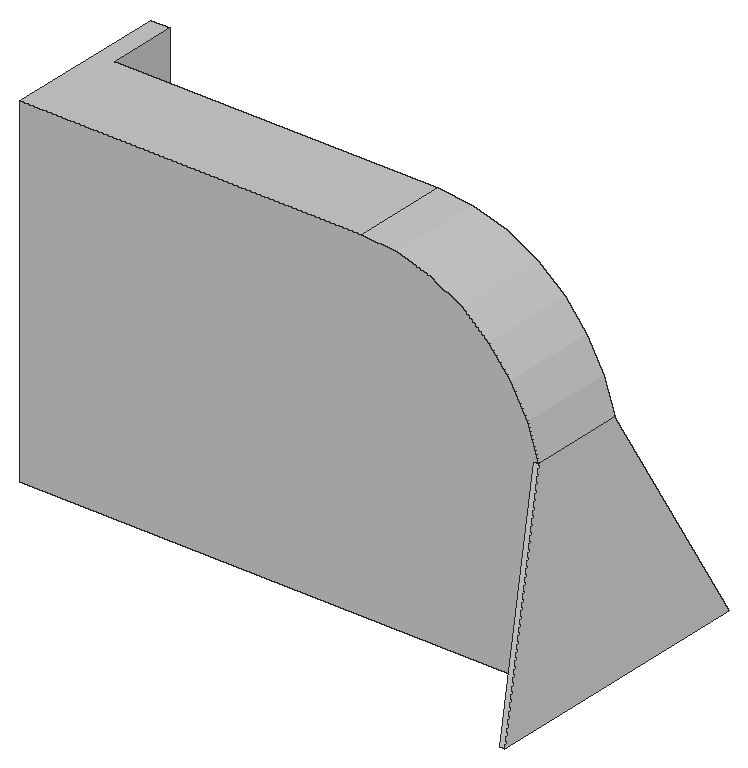
Revit family "LR1677", category Plumbing Fixtures, host Face, Revit 2022
Family settings
  Host = Face
  Round Connector Dimension = Use Diameter
  Part Type = Normal
  OmniClass Number = 23.45.05.14.14
  OmniClass Title = Sinks/Lavatories
  Cut with Voids When Loaded = No
  Maintain Annotation Orientation = No
  Shared = Yes
  Room Calculation Point = No
Parameters (values of type "LR1677-1-L-04")
  valve (R) distance = valve_distance_constraint + 29 1/2"  # 47 1/2"
  valve_distance = if([-L Left Hand Corner], valve L constrait, valve R constraint)  # 11 1/2"
  valve R constraint = if([valve (R) distance] < 37 1/2", 37 1/2", if([Valve Inlet Distance from Inner Wall (min. 8" to max 28")] > 57 1/2", 57 1/2", [valve (R) distance]))  # 47 1/2"
  valve L constrait = Width - valve_distance_constraint  # 11 1/2"
  Valve Inlet Distance from Inner Wall (min. 8" to max 28") = 18"
  valve_distance_constraint = if([Valve Inlet Distance from Inner Wall (min. 8" to max 28")] < 8", 8", if([Valve Inlet Distance from Inner Wall (min. 8" to max 28")] > 28", 28", [Valve Inlet Distance from Inner Wall (min. 8" to max 28")]))  # 18"
  valve_height = if([Valve Inlet Height from Floor (min. 26" to max. 46")] > 46", 46", if([Valve Inlet Height from Floor (min. 26" to max. 46")] < 26", 26", [Valve Inlet Height from Floor (min. 26" to max. 46")]))  # 26"
  Valve Inlet Height from Floor (min. 26" to max. 46") = 26"
  Width = 29 1/2"
  Waste Connection Height = 27 1/2"
  Waste Connection Diameter = 1 1/2"
  Waste Connection = yes
  WFU = 2
  Vent Connection = no
  Valve = Valve Type : -04-M Valve (Pneumatic) Air-Trol - Hot & Cold, Metering
  URL = "https://www.acorneng.com"
  Type Comments = ""
  Rim Width = 13"
  Product Page URL = "https://www.acorneng.com/ligature-resistant-corner-basin-d-bowl-lr1677"
  Product Documentation Link = "https://www.acorneng.com/uploads/fileLibrary/LR1677.pdf"
  Length = 18"
  Installation Instruction Link = "https://www.acorneng.com/uploads/fileLibrary/9900-M00-001%20LR1677.pdf"
  Hot Water Connection Diameter = 1/2"
  Height = 14 3/4"
  Price = "Prices may vary. Please consult Manufacturer Representative for most up-to-date price list."  # constant formula
  Model = "LR1677-1-L-04"
  Material = "Stainless Steel-Bobrick-Satin"
  Manufacturer = "Acorn"
  Installation Type = "Wall Mounted"
  HWFU = 1.5
  HW Connection = yes
  Finish = Stainless Steel-Bobrick-Satin
  Description = "Secur-Care - Ligature Resistant LR1677 Series"
  Connections to Center Distance = if([-L Left Hand Corner], 0", 36")  # 0"
  Cold Water Connection Diameter = 1/2"
  Bowl Depth = 3 1/2"
  Default Elevation = 0"
  Creation Date = "08/26/2024"
  Compliance Certifications = "ANSI, UFAS, CBC, and ADA 2010"
  CWFU = 1.5
  CW Connection = yes
  Basin Shape = "D-Shaped Bowl"
  Assembly Code = "D2010400"
  ADA Compliant = yes
  -VAC AcornVac System = no
  -THLR (Single) Towel Hook = no
  -THLR (Double) Towel Hook = not([-THLR (Single) Towel Hook])  # yes
  -TG 12 Gage Cabinet = no
  -TF Transformer, 120VAC to 24VAC (-MVC option only) = no
  -SW Wall Sleeve = no
  -R Right Hand Corner = not([-L Left Hand Corner])  # no
  -MT Metal Template = no
  -MA4 Manifolded, 4-Stack = no
  -MA3 Manifolded, 3-Stack = no
  -MA2 Manifolded, 2-Stack = no
  -LWE Lavy Waste Extension (11” Standard) = no
  -LW1 Thru-Wall Waste Extension with P-Trap = no
  -L Left Hand Corner = yes
  -FMT Fixture Mounted Trim = no
  -EG Enviro-Glaze = no
  -CI Cycle Interrupt for Time-Trol Valves = no
  -BRS Brass Body Valve = no
  -1 Off-Floor, Wall Outlet = yes
Types (3): name | valve_distance | Model | Connections to Center Distance | -R Right Hand Corner | -L Left Hand Corner
  (no name) | 11 1/2" | "LR1677-1-L-04" | 0" | no | yes
  LR1677-1-L-04 | 11 1/2" | "LR1677-1-L-04" | 0" | no | yes
  LR1677-1-R-04 | 47 1/2" | "LR1677-1-R-04" | 36" | yes | no
Reference planes (in)
  plane 1 "Center (Front/Back)": y = 5
  plane 2: z = 0.00028
  plane 3 "Center (Left/Right)": x = 0
  plane 4 "Height- Bottom": y = 39
  plane 5 "Width- Left": x = -29.5
  plane 6 "Width- Right": x = 29.5
  plane 7 "Height- Top": y = 43.75
  plane 8 "Length (Outer Rim)": z = 18
  plane 9 "Rim- Left": x = -18
  plane 10 "Rim- Right": x = 18
  plane 11 "Rim Length (Inner Rim)": z = 2.5
  plane 12: y = 29
  plane 13: y = 42.625
  plane 14: z = 16.25
  plane 15: x = 25.5
  plane 16: y = 35.5
  plane 17: through (29.50004, 0, 0.00005) normal (0.9785, 0, 0.2062)
  plane 18: z = 3.75
  plane 19: x = 10.5
  plane 20: y = 41
  plane 21: y = 32.5
  plane 22: y = 31
  plane 23: x = 28
  plane 24: x = -8
  plane 25: x = -28
  plane 26: x = 8
  plane 27: x = 18
  plane 28: x = 14
  plane 29: x = 22
Forms (in)
  Extrusion 1, solid, material "Stainless Steel-Bobrick-Satin" <- "Finish", visible <- "-L Left Hand Corner"
    sketch origin (5.66175, 82.57514, -79.3816) x (0, 0, -1) y (-1, 0, 0)
      loop
        line (-97.3816, 5.66175) -> (-97.3816, -12.33825)
        arc (-97.3816, -12.33825) -> (-95.25932, -18.32317) -> (-89.84069, -21.63405) r 9.5
        line (-89.84069, -21.63405) -> (-79.3816, -23.8383) -> (-79.3816, 5.66175) -> (-97.3816, 5.66175)
    from -48.57514 to -43.57514
  Extrusion 2, solid, material "Stainless Steel-Bobrick-Satin" <- "Finish", visible <- "-L Left Hand Corner"
    sketch origin (0, 0, 0) x (0, 1, 0) y (0, 0, 1)
      loop
        line (42.61286, 2.5) -> (39, 2.5) -> (39, 0.00028) -> (43.74987, 0.00028) -> (42.61286, 2.5)
    from 0 to 29.71464
  Extrusion 3, void
    sketch origin (0, 5, 0) x (1, 0, 0) y (0, 0, 1)
      loop
        line (29.49999, 0.00028) -> (28.92118, 0.00028) -> (28.92118, -0.5) -> (29.71464, -0.5) -> (29.71464, 2.5) -> (28.97318, 2.5) -> (29.49999, 0.00028)
    from -40.79135 to -24
  Extrusion 4, void
    sketch origin (0, 0, 0) x (0, 1, 0) y (0, 0, 1)
      loop
        line (43.74987, 0.00028) -> (47.25009, 0.00028) -> (47.25009, 10.84672) -> (39, 10.84672) -> (39, 10.44286) -> (43.74987, 0.00028)
      loop
        line (29, 0.00028) -> (34, 10.45909) -> (29, 10.45909) -> (29, 0.00028)
    from 26.57704 to 29.71464
  Extrusion 5, solid, material "Stainless Steel-Bobrick-Satin" <- "Finish", visible <- "-L Left Hand Corner"
    sketch origin (0, 5, 0) x (1, 0, 0) y (0, 0, 1)
      loop
        line (27.29923, 10.44286) -> (27.04373, 10.44286) -> (29.24456, 0) -> (29.50005, 0) -> (27.29923, 10.44286)
    from -38.75 to -24
  Extrusion 6, solid, material "Stainless Steel-Bobrick-Satin" <- "Finish", visible <- "-L Left Hand Corner"
    sketch origin (0, 5, 0) x (1, 0, 0) y (0, 0, 1)
      loop
        line (1, 18) -> (0, 18) -> (0, 2.5) -> (1, 2.5) -> (1, 18)
    from -37.625 to -34
  Revolve 7, void
    sketch origin (18, 0, 0) x (0, 1, 0) y (0, 0, 1)
      loop
        line (39.06237, 3.75) -> (45.28067, 3.75) -> (45.28067, 18.85688)
        arc (45.28067, 18.85688) -> (38.3294, 15.59855) -> (35.49974, 8.46205) r 10.4141
        line (35.49974, 8.46205) -> (35.49974, 5.18163)
        spline (35.49974, 5.18163) -> (35.53022, 4.99477) -> (35.62114, 4.8111) -> (35.77093, 4.63377) -> (35.97704, 4.46582) -> (36.23595, 4.31011) -> (36.54321, 4.16932) -> (36.89358, 4.04584) -> (37.28106, 3.9418) -> (37.69901, 3.85898) -> (38.1403, 3.79878) -> (38.59736, 3.76225) -> (39.06237, 3.75)
      axis (45.28067, 18.85688) -> (45.28067, 3.75)
    angle from 0 to 360
  Revolve 8, solid, material "Stainless Steel-Bobrick-Satin" <- "Finish", visible <- "-L Left Hand Corner"
    sketch origin (190.3272, 41, 116.58215) x (1, 0, 0) y (0, 0, -1)
      loop
        arc (-173.20001, 114.07458) -> (-172.94536, 113.45644) -> (-172.3272, 113.20183) r 0.86938
        line (-172.3272, 113.20183) -> (-172.3272, 114.07458) -> (-173.20001, 114.07458)
      axis (-172.3272, 114.07458) -> (-172.3272, 113.20183)
    angle from 0 to 360
  Extrusion 9, void
    sketch origin (17.73352, 5, -47.19549) x (1, 0, 0) y (0, 0, 1)
      loop
        circle (0.26648, 54.53237) r 0.16667
      loop
        circle (0.26648, 52.98362) r 0.16667
      loop
        circle (1.04086, 53.75799) r 0.16667
      loop
        circle (-0.50789, 53.75799) r 0.16667
    from -30.87142 to -29.92385
  Revolve 10, void
    sketch origin (18, 0, 0.6875) x (0, 1, 0) y (0, 0, 1)
      loop
        line (35.47459, 7.11464) -> (35.43588, 7.0476)
        arc (35.43588, 7.0476) -> (35.41672, 7.00134) -> (35.41018, 6.95169) r 0.19182
        line (35.41018, 6.95169) -> (35.41018, 5.875) -> (35.66018, 5.875) -> (35.66018, 7.11464) -> (35.47459, 7.11464)
      axis (35.41018, 5.875) -> (35.66018, 5.875)
    angle from 0 to 360
  Revolve 11, void
    sketch origin (18, 0, 0) x (0, 1, 0) y (0, 0, 1)
      loop
        line (41.60798, 3.23298) -> (40.16563, 1.79063) -> (40.23744, 1.71881) -> (41.6798, 3.16117) -> (41.60798, 3.23298)
      axis (40.16563, 1.79063) -> (41.60798, 3.23298)
    angle from 0 to 360
  Extrusion 12, void
    sketch origin (0, 0, 0) x (1, 0, 0) y (0, 1, 0)
      loop
        circle (18, 32.5) r 0.75
    from 0 to 0.03125
  Extrusion 13, solid, material "Stainless Steel-Bobrick-Satin" <- "Finish", visible <- "-R Right Hand Corner"
    sketch origin (-5.66175, 82.57514, -79.3816) x (0, 0, -1) y (-1, 0, 0)
      loop
        line (-97.3816, -5.66175) -> (-79.3816, -5.66175) -> (-79.3816, 23.8383) -> (-89.84069, 21.63405)
        arc (-89.84069, 21.63405) -> (-95.25932, 18.32317) -> (-97.3816, 12.33825) r 9.5
        line (-97.3816, 12.33825) -> (-97.3816, -5.66175)
    from -48.57514 to -43.57514
  Extrusion 14, solid, material "Stainless Steel-Bobrick-Satin" <- "Finish", visible <- "-R Right Hand Corner"
    sketch origin (0, 0, 0) x (0, 1, 0) y (0, 0, -1)
      loop
        line (42.61286, -2.5) -> (43.74987, -0.00028) -> (39, -0.00028) -> (39, -2.5) -> (42.61286, -2.5)
    from 0 to 29.71464
  Extrusion 15, void
    sketch origin (0, 5, 0) x (-1, 0, 0) y (0, 0, -1)
      loop
        line (29.49999, -0.00028) -> (28.97318, -2.5) -> (29.71464, -2.5) -> (29.71464, 0.5) -> (28.92118, 0.5) -> (28.92118, -0.00028) -> (29.49999, -0.00028)
    from -40.79135 to -24
  Extrusion 16, void
    sketch origin (0, 0, 0) x (0, 1, 0) y (0, 0, -1)
      loop
        line (43.74987, -0.00028) -> (39, -10.44286) -> (39, -10.84672) -> (47.25009, -10.84672) -> (47.25009, -0.00028) -> (43.74987, -0.00028)
      loop
        line (29, -0.00028) -> (29, -10.45909) -> (34, -10.45909) -> (29, -0.00028)
    from 26.57704 to 29.71464
  Extrusion 17, solid, material "Stainless Steel-Bobrick-Satin" <- "Finish", visible <- "-R Right Hand Corner"
    sketch origin (0, 5, 0) x (-1, 0, 0) y (0, 0, -1)
      loop
        line (27.29923, -10.44286) -> (29.50005, 0) -> (29.24456, 0) -> (27.04373, -10.44286) -> (27.29923, -10.44286)
    from -38.75 to -24
  Extrusion 18, solid, material "Stainless Steel-Bobrick-Satin" <- "Finish", visible <- "-R Right Hand Corner"
    sketch origin (0, 5, 0) x (-1, 0, 0) y (0, 0, -1)
      loop
        line (1, -18) -> (1, -2.5) -> (0, -2.5) -> (0, -18) -> (1, -18)
    from -37.625 to -34
  Revolve 19, void
    sketch origin (-18, 0, 0) x (0, 1, 0) y (0, 0, -1)
      loop
        spline (39.06237, -3.75) -> (38.59736, -3.76225) -> (38.1403, -3.79878) -> (37.69901, -3.85898) -> (37.28106, -3.9418) -> (36.89358, -4.04584) -> (36.54321, -4.16932) -> (36.23595, -4.31011) -> (35.97704, -4.46582) -> (35.77093, -4.63377) -> (35.62114, -4.8111) -> (35.53022, -4.99477) -> (35.49974, -5.18163)
        line (35.49974, -5.18163) -> (35.49974, -8.46205)
        arc (35.49974, -8.46205) -> (38.3294, -15.59855) -> (45.28067, -18.85688) r 10.4141
        line (45.28067, -18.85688) -> (45.28067, -3.75) -> (39.06237, -3.75)
      axis (45.28067, -18.85688) -> (45.28067, -3.75)
    angle from 0 to 360
  Revolve 20, solid, material "Stainless Steel-Bobrick-Satin" <- "Finish", visible <- "-R Right Hand Corner"
    sketch origin (-190.3272, 41, 116.58215) x (-1, 0, 0) y (0, 0, 1)
      loop
        line (-173.20001, -114.07458) -> (-172.3272, -114.07458) -> (-172.3272, -113.20183)
        arc (-172.3272, -113.20183) -> (-172.94536, -113.45644) -> (-173.20001, -114.07458) r 0.86938
      axis (-172.3272, -114.07458) -> (-172.3272, -113.20183)
    angle from 0 to 360
  Extrusion 21, void
    sketch origin (-17.73352, 5, -47.19549) x (-1, 0, 0) y (0, 0, -1)
      loop
        circle (0.26648, -54.53237) r 0.16667
      loop
        circle (0.26648, -52.98362) r 0.16667
      loop
        circle (1.04086, -53.75799) r 0.16667
      loop
        circle (-0.50789, -53.75799) r 0.16667
    from -30.87142 to -29.92385
  Revolve 22, void
    sketch origin (-18, 0, 0.6875) x (0, 1, 0) y (0, 0, -1)
      loop
        line (35.47459, -7.11464) -> (35.66018, -7.11464) -> (35.66018, -5.875) -> (35.41018, -5.875) -> (35.41018, -6.95169)
        arc (35.41018, -6.95169) -> (35.41672, -7.00134) -> (35.43588, -7.0476) r 0.19182
        line (35.43588, -7.0476) -> (35.47459, -7.11464)
      axis (35.41018, -5.875) -> (35.66018, -5.875)
    angle from 0 to 360
  Revolve 23, void
    sketch origin (-18, 0, 0) x (0, 1, 0) y (0, 0, -1)
      loop
        line (41.60798, -3.23298) -> (41.6798, -3.16117) -> (40.23744, -1.71881) -> (40.16563, -1.79063) -> (41.60798, -3.23298)
      axis (40.16563, -1.79063) -> (41.60798, -3.23298)
    angle from 0 to 360
  Extrusion 24, void
    sketch origin (0, 0, 0) x (1, 0, 0) y (0, 1, 0)
      loop
        circle (14, 31) r 0.25
      loop
        circle (22, 31) r 0.25
    from 0 to 0.03125
Cuts and joins
  Extrusion 4, Revolve 7, Extrusion 9, Revolve 10, Extrusion 15, Extrusion 16, Revolve 19, Extrusion 21, Revolve 22, Revolve 23 cuts Extrusion 1
  Extrusion 3, Extrusion 4, Revolve 7, Extrusion 9, Revolve 10, Extrusion 15, Extrusion 16, Revolve 19, Extrusion 21, Revolve 22, Revolve 23 cuts Extrusion 2
  Extrusion 4, Revolve 7, Extrusion 9, Revolve 10, Extrusion 15, Extrusion 16, Revolve 19, Extrusion 21, Revolve 22, Revolve 23 cuts Extrusion 5
  Revolve 7, Extrusion 9, Revolve 10, Extrusion 15, Extrusion 16, Revolve 19, Extrusion 21, Revolve 22, Revolve 23 cuts Extrusion 6
  joined: Extrusion 1, Extrusion 2, Extrusion 5, Extrusion 6
  Revolve 11, Revolve 23 cuts Revolve 8
  Extrusion 15, Revolve 19, Extrusion 21, Revolve 22 cuts Extrusion 13
  Extrusion 15, Revolve 19 cuts Extrusion 14
  Extrusion 15, Extrusion 16 cuts Extrusion 17
  joined: Extrusion 13, Extrusion 14, Extrusion 17, Extrusion 18
  Revolve 23 cuts Revolve 20
Dimensions and locks (in)
  plane 3 "Center (Left/Right)" to plane 6 "Width- Right" = 29 1/2"
  "Height": plane 7 "Height- Top" to plane 12
  "Length": plane 8 "Length (Outer Rim)" to level
  plane 11 "Rim Length (Inner Rim)" to level = 2 1/2"
  "Width": plane 5 "Width- Left" to plane 3 "Center (Left/Right)"
  "Width": plane 3 "Center (Left/Right)" to plane 6 "Width- Right"
  plane 3 "Center (Left/Right)" to plane 10 "Rim- Right" = 18"
  plane 9 "Rim- Left" to plane 3 "Center (Left/Right)" = 18"
  plane 10 "Rim- Right" to plane 3 "Center (Left/Right)" = 18"
  plane 4 "Height- Bottom" to plane 1 "Center (Front/Back)" = 34"
  plane 13 to plane 4 "Height- Bottom" = 3 5/8"
  plane 4 "Height- Bottom" to cut or joined group of Extrusion 1, Extrusion 2, Extrusion 3, Extrusion 4, Extrusion 5, Extrusion 6, Revolve 7, Extrusion 9, Revolve 10, Extrusion 15, Extrusion 16, Revolve 19, Extrusion 21, Revolve 22, Revolve 23 = 5"
  "Bowl Depth": plane 4 "Height- Bottom" to plane 16
  plane 15 to plane 19 = 15"
  plane 18 to plane 14 = 12 1/2"
  plane 14 to plane 18 = 12 1/2"
  level to plane 11 "Rim Length (Inner Rim)" = 2 1/2"
  level to plane 8 "Length (Outer Rim)" = 18"
  plane 12 to plane 7 "Height- Top" = 14 3/4"
  "Waste Connection Height": plane 1 "Center (Front/Back)" to plane 21
  plane 1 "Center (Front/Back)" to plane 4 "Height- Bottom" = 34"
  "valve_height": plane 1 "Center (Front/Back)" to plane 22
  "valve_distance": plane 27 to plane 6 "Width- Right"
  plane 28 to plane 27 to plane 29 = 4" locked, 4" locked
  "Connections to Center Distance": nested 1 to plane 10 "Rim- Right"
  plane 25 to plane 9 "Rim- Left" to plane 24 = 10", 10"
  plane 26 to plane 10 "Rim- Right" to plane 23 = 10", 10"
  "Waste Connection Diameter": diameter of Extrusion 12 sketch curve
  "Hot Water Connection Diameter": diameter of Extrusion 24 sketch curve
  "Cold Water Connection Diameter": diameter of Extrusion 24 sketch curve
  aligned and locked: plane 2 to host face
  aligned: level to host face
  aligned and locked: Revolve 7 sketch curve to Revolve 7 sketch curve
  aligned and locked: plane 21 to Extrusion 12 sketch curve
  aligned and locked: Revolve 19 sketch curve to Revolve 19 sketch curve
  aligned and locked: nested 1 to Extrusion 12 sketch curve
  aligned and locked: plane 28 to Extrusion 24 sketch curve
  aligned and locked: Extrusion 24 sketch curve to plane 29
  aligned and locked: plane 22 to Extrusion 24 sketch curve  (x2)
Automatic sketch dimensions
  host sketch curve to host sketch curve = 124.81455"
  host sketch curve to host sketch curve = 89.58903"
  Extrusion 1 sketch curve to plane 3 "Center (Left/Right)" = 0"
  Extrusion 1 sketch curve to plane 8 "Length (Outer Rim)" = 0"
  Extrusion 1 sketch curve to plane 17 = 0"  (x2)
  Extrusion 1 sketch curve to plane 10 "Rim- Right" = 0"
  Extrusion 1 sketch curve to level = 0"
  Extrusion 1 sketch curve to plane 15 = 1.7958"
  Extrusion 2 sketch curve to plane 4 "Height- Bottom" = 0"
  Extrusion 2 sketch curve to plane 11 "Rim Length (Inner Rim)" = 0"
  Extrusion 2 sketch curve to plane 2 = 0"
  Extrusion 2 sketch curve to plane 13 = 0.01214"
  Extrusion 2 sketch curve to plane 7 "Height- Top" = 0.00013"
  Extrusion 3 sketch curve to plane 2 = 0"
  Extrusion 3 sketch curve to plane 11 "Rim Length (Inner Rim)" = 0"
  Extrusion 3 sketch curve to plane 17 = 0"  (x2)
  Extrusion 3 sketch curve to Extrusion 3 sketch curve = 0.57881"
  Extrusion 3 sketch curve to plane 6 "Width- Right" = 0.21464"
  Extrusion 3 sketch curve to level = 1/2"
  Extrusion 4 sketch curve to plane 12 = 0"
  Extrusion 4 sketch curve to plane 4 "Height- Bottom" = 0"
  Extrusion 4 sketch curve to plane 2 = 0"  (x2)
  plane 16 to Extrusion 4 sketch curve = 1 1/2"
  Extrusion 4 sketch curve to plane 7 "Height- Top" = 0.00013"
  plane 7 "Height- Top" to Extrusion 4 sketch curve = 3.50009"
  Extrusion 4 sketch curve to plane 14 = 5.80714"
  Extrusion 4 sketch curve to Extrusion 4 sketch curve = 0.01623"
  Extrusion 4 sketch curve to Extrusion 4 sketch curve = 0.40386"
  Extrusion 5 sketch curve to plane 17 = 0"
  Extrusion 5 sketch curve to level = 0"
  plane 17 to Extrusion 5 sketch curve = 0"
  plane 6 "Width- Right" to Extrusion 5 sketch curve = 0.25544"
  Extrusion 5 sketch curve to plane 15 = 1.79923"
  Extrusion 5 sketch curve to Extrusion 5 sketch curve = 0.25549"
  Extrusion 6 sketch curve to plane 3 "Center (Left/Right)" = 0"
  Extrusion 6 sketch curve to plane 11 "Rim Length (Inner Rim)" = 0"
  Extrusion 6 sketch curve to plane 8 "Length (Outer Rim)" = 0"
  plane 3 "Center (Left/Right)" to Extrusion 6 sketch curve = 1"
  Revolve 7 sketch curve to plane 18 = 0"
  plane 16 to Revolve 7 sketch curve = 0.00026"
  Revolve 7 sketch curve to plane 4 "Height- Bottom" = 0.06237"
  plane 7 "Height- Top" to Revolve 7 sketch curve = 1.53067"
  plane 7 "Height- Top" to Revolve 7 sketch curve = 2.16384"
  plane 18 to Revolve 7 sketch curve = 1.43163"
  Revolve 7 sketch curve to Revolve 7 sketch curve = 3.28041"
  Revolve 7 sketch curve to plane 14 = 2"
  Revolve 7 sketch curve to plane 14 = 1/4"
  Revolve 8 sketch curve to plane 10 "Rim- Right" = 0"  (x2)
  Revolve 8 sketch curve to plane 10 "Rim- Right" = 0.00343"
  plane 11 "Rim Length (Inner Rim)" to Revolve 8 sketch curve = 0.00757"
  Revolve 8 sketch curve to Revolve 8 sketch curve = 0.86938"
  Revolve 8 sketch curve to Revolve 8 sketch curve = 0.00337"
  Revolve 8 sketch curve to plane 11 "Rim Length (Inner Rim)" = 0.34514"
  Revolve 8 sketch curve to Revolve 8 sketch curve = 1/4"
  Extrusion 9 sketch curve to plane 10 "Rim- Right" = 0"  (x2)
  Extrusion 9 sketch curve to plane 10 "Rim- Right" = 0.77437"
  plane 10 "Rim- Right" to Extrusion 9 sketch curve = 0.77437"
  plane 18 to Extrusion 9 sketch curve = 2.03813"
  Extrusion 9 sketch curve to Extrusion 9 sketch curve = 0.77437"  (x3)
  plane 16 to Revolve 10 sketch curve = 0.08982"
  plane 16 to Revolve 10 sketch curve = 0.06412"
  plane 16 to Revolve 10 sketch curve = 0.02541"
  Revolve 10 sketch curve to plane 16 = 0.102"
  Revolve 10 sketch curve to plane 16 = 0.16018"
  plane 18 to Revolve 10 sketch curve = 2 13/16"
  Revolve 10 sketch curve to Revolve 10 sketch curve = 1.07669"
  Revolve 10 sketch curve to Revolve 10 sketch curve = 0.16295"
  Revolve 10 sketch curve to Revolve 10 sketch curve = 0.29763"
  Revolve 10 sketch curve to Revolve 10 sketch curve = 1/4"
  Revolve 10 sketch curve to Revolve 10 sketch curve = 0"
  Revolve 11 sketch curve to plane 20 = 0.83437"
  Revolve 11 sketch curve to Revolve 11 sketch curve = 0.07182"  (x2)
  plane 20 to Revolve 11 sketch curve = 0.60798"
  Revolve 11 sketch curve to plane 11 "Rim Length (Inner Rim)" = 0.78119"
  Revolve 11 sketch curve to Revolve 11 sketch curve = 0.02662"  (x2)
  Revolve 11 sketch curve to Revolve 11 sketch curve = 0.07891"  (x2)
  Extrusion 13 sketch curve to plane 3 "Center (Left/Right)" = 0"
  Extrusion 13 sketch curve to plane 8 "Length (Outer Rim)" = 0"
  Extrusion 13 sketch curve to plane 9 "Rim- Left" = 0"
  Extrusion 13 sketch curve to level = 0"
  plane 5 "Width- Left" to Extrusion 13 sketch curve = 2.2042"
  Extrusion 13 sketch curve to plane 14 = 5.79091"
  Extrusion 13 sketch curve to plane 5 "Width- Left" = 0.00005"
  Extrusion 14 sketch curve to plane 4 "Height- Bottom" = 0"
  Extrusion 14 sketch curve to plane 11 "Rim Length (Inner Rim)" = 0"
  Extrusion 14 sketch curve to plane 2 = 0"
  Extrusion 14 sketch curve to plane 13 = 0.01214"
  Extrusion 14 sketch curve to plane 7 "Height- Top" = 0.00013"
  Extrusion 15 sketch curve to plane 2 = 0"
  Extrusion 15 sketch curve to plane 11 "Rim Length (Inner Rim)" = 0"
  Extrusion 15 sketch curve to plane 5 "Width- Left" = 0.57882"
  Extrusion 15 sketch curve to plane 5 "Width- Left" = 0.52682"
  Extrusion 15 sketch curve to plane 5 "Width- Left" = 0"
  plane 5 "Width- Left" to Extrusion 15 sketch curve = 0.21464"
  level to Extrusion 15 sketch curve = 1/2"
  Extrusion 16 sketch curve to plane 12 = 0"
  Extrusion 16 sketch curve to plane 4 "Height- Bottom" = 0"
  Extrusion 16 sketch curve to plane 2 = 0"  (x2)
  plane 16 to Extrusion 16 sketch curve = 1 1/2"
  Extrusion 16 sketch curve to plane 7 "Height- Top" = 0.00013"
  plane 7 "Height- Top" to Extrusion 16 sketch curve = 3.50009"
  Extrusion 16 sketch curve to plane 14 = 5.80714"
  Extrusion 16 sketch curve to plane 14 = 5.79091"
  Extrusion 16 sketch curve to plane 14 = 5.40328"
  Extrusion 17 sketch curve to level = 0"
  Extrusion 17 sketch curve to plane 5 "Width- Left" = 2.45627"
  Extrusion 17 sketch curve to Extrusion 17 sketch curve = 0.25549"
  Extrusion 17 sketch curve to plane 5 "Width- Left" = 0.25544"
  plane 5 "Width- Left" to Extrusion 17 sketch curve = 0.00005"
  plane 14 to Extrusion 17 sketch curve = 5.80714"
  Extrusion 18 sketch curve to plane 3 "Center (Left/Right)" = 0"
  Extrusion 18 sketch curve to plane 11 "Rim Length (Inner Rim)" = 0"
  Extrusion 18 sketch curve to plane 8 "Length (Outer Rim)" = 0"
  Extrusion 18 sketch curve to Extrusion 18 sketch curve = 1"
  Revolve 19 sketch curve to plane 18 = 0"
  plane 16 to Revolve 19 sketch curve = 0.00026"
  Revolve 19 sketch curve to plane 4 "Height- Bottom" = 0.06237"
  plane 7 "Height- Top" to Revolve 19 sketch curve = 1.53067"
  plane 7 "Height- Top" to Revolve 19 sketch curve = 2.16384"
  plane 18 to Revolve 19 sketch curve = 1.43163"
  plane 18 to Revolve 19 sketch curve = 4.71205"
  Revolve 19 sketch curve to plane 14 = 2"
  Revolve 19 sketch curve to plane 14 = 1/4"
  Revolve 20 sketch curve to plane 9 "Rim- Left" = 0"  (x2)
  plane 9 "Rim- Left" to Revolve 20 sketch curve = 0.00343"
  plane 11 "Rim Length (Inner Rim)" to Revolve 20 sketch curve = 0.00757"
  Revolve 20 sketch curve to Revolve 20 sketch curve = 0.86938"
  Revolve 20 sketch curve to Revolve 20 sketch curve = 0.00337"
  Revolve 20 sketch curve to plane 11 "Rim Length (Inner Rim)" = 0.34514"
  Revolve 20 sketch curve to Revolve 20 sketch curve = 1/4"
  Extrusion 21 sketch curve to plane 9 "Rim- Left" = 0"  (x2)
  Extrusion 21 sketch curve to plane 9 "Rim- Left" = 0.77437"
  plane 9 "Rim- Left" to Extrusion 21 sketch curve = 0.77437"
  Extrusion 21 sketch curve to plane 18 = 2.03813"
  Extrusion 21 sketch curve to Extrusion 21 sketch curve = 0.77437"  (x3)
  plane 16 to Revolve 22 sketch curve = 0.08982"
  plane 16 to Revolve 22 sketch curve = 0.06412"
  plane 16 to Revolve 22 sketch curve = 0.02541"
  Revolve 22 sketch curve to plane 16 = 0.102"
  Revolve 22 sketch curve to plane 16 = 0.16018"
  plane 18 to Revolve 22 sketch curve = 4.05214"
  Revolve 22 sketch curve to Revolve 22 sketch curve = 0.06704"
  Revolve 22 sketch curve to Revolve 22 sketch curve = 1.07669"
  Revolve 22 sketch curve to Revolve 22 sketch curve = 0.29763"
  Revolve 22 sketch curve to Revolve 22 sketch curve = 1/4"
  Revolve 22 sketch curve to Revolve 22 sketch curve = 0"
  Revolve 23 sketch curve to plane 20 = 0.83437"
  Revolve 23 sketch curve to Revolve 23 sketch curve = 0.07182"  (x2)
  plane 20 to Revolve 23 sketch curve = 0.60798"
  Revolve 23 sketch curve to plane 18 = 0.51702"
  Revolve 23 sketch curve to Revolve 23 sketch curve = 0.02662"  (x2)
  Revolve 23 sketch curve to Revolve 23 sketch curve = 0.07891"  (x2)
  radius of Extrusion 9 sketch curve = 0.16667"  (x4)
  radius of Extrusion 21 sketch curve = 0.16667"  (x4)
Nested families (in)
  nested 1: "Valve Type" at (18, 41, 2.5) x (-1, 0, 0) z (0, 0, 1), type <- "Valve", type "-04-M Valve (Pneumatic) Air-Trol - Hot & Cold, Metering"
Connectors (in)
  piping at (18, 32.5, 0), diameter 1.5, driven by "Waste Connection Diameter", driven by "WFU"
    settings: on Extrusion 12, index 4, connector inside diameter 24", connector length 0", flow factor 0, pipe flow 0 GPM, pressure drop 0.00 psi, fitting loss kfactor 0, connector angle 0.00°, fixture units 2, engagement length 0", angle of deflection 0.00°, flow configuration 3, flow direction 2, fitting loss method 0, system type 16, joint type 0, gender type 0, connector reference index -1, connector utility 0, adjustable connector no, is connector primary yes, connector description "1-1/2\" Waste Outlet"
Definition of nested family "Valve Type"
  Parameters (values of type "-PPZ1 Valve (Electronic) Programmable w/9VDC Plug-In Transformer- Single Temp Programmable Piezo Button")
    Waste Connection = yes
    WFU = 2
    Vent Connection = no
    URL = ""
    Type Comments = ""
    Paint- Label = none
    Letter Constraint = if(Programmable Piezo Button, 3" / 4, 2")  # 3/4"
    Hemispherical Push Button = no
    Programmable Piezo Button = yes
    O/C Distance = 6 3/4"
    Model = ""
    Material = "Stainless Steel-Acorn-Polished Satin"
    Manufacturer = ""
    Piezo Button = no
    Push Button = no
    HWFU = 1.5
    HW Connection = yes
    Finish = none
    Description = ""
    Default Elevation = 0"
    CWFU = 1.5
    CW Connection = yes
    Assembly Code = "D2010400"
  Types (16): name | Waste Connection | Letter Constraint | Hemispherical Push Button | Programmable Piezo Button | Piezo Button | Push Button
    -03-M Valve (Pneumatic) Air-Trol - Single Temp, Metering | yes | 2" | yes | no | no | no
    -EVS1 Valve (Electronic) Master-Trol - Single Temp | yes | 2" | no | no | no | yes
    -MTP1 Valve (Electronic) Master-Trol PLUS - Single Temp | yes | 2" | no | no | no | yes
    -MVC1 Valve (Electronic) Time-Trol - Single Temp | yes | 2" | no | no | no | yes
    -PPZ1 Valve (Electronic) Programmable w/9VDC Plug-In Transformer- Single Temp Programmable Piezo Button | yes | 3/4" | no | yes | no | no
    -04-M Valve (Pneumatic) Air-Trol - Hot & Cold, Metering | yes | 2" | yes | no | no | no
    -EVS2 Valve (Electronic) Master-Trol - Hot & Cold | yes | 2" | no | no | no | yes
    -EVSP1 Valve (Electronic) Master-Trol - Single Temp, Piezo Button | yes | 2" | no | no | yes | no
    -EVSP2 Valve (Electronic) Master-Trol - Hot & Cold, Piezo Buttons | yes | 2" | no | no | yes | no
    -MTP2 Valve (Electronic) Master-Trol PLUS - Hot & Cold | yes | 2" | no | no | no | yes
    -MTPP1 Valve (Electronic) Master-Trol PLUS - Single Temp, Piezo Button | yes | 2" | no | no | yes | no
    -MTPP2 Valve (Electronic) Master-Trol PLUS - Hot & Cold, Piezo Buttons | yes | 2" | no | no | yes | no
    -MVC1-BAT Valve (Electronic) Time-Trol - Single Temp Battery Powered (Batteries Not Included) | yes | 2" | no | no | no | yes
    -MVC2 Valve (Electronic) Time-Trol - Hot & Cold | yes | 2" | no | no | no | yes
    -MVC2-BAT Valve (Electronic) Time-Trol - Hot & Cold Battery Powered (Batteries Not Included) | yes | 2" | no | no | no | yes
    -PPZ2 Valve (Electronic) Programmable w/9VDC Plug-In Transformer- Hot & Cold Programmable Piezo Button | no | 3/4" | no | yes | no | no
  Reference planes (in)
    plane 1: y = 0
    plane 2: z = 0.00028
    plane 3 "Center (Left/Right)": x = 0
    plane 4 "Height- Bottom": y = 0
    plane 5 "Width- Left": x = -3.375
    plane 6 "Width- Right": x = 3.375
    plane 7 "Height- Top": y = 22
    plane 8 "Depth- Bottom": y = 4
    plane 9 "Rim- Left": x = -6.5
    plane 10 "Rim- Right": x = 6.5
    plane 11 "Rim Length (Inner Rim)": z = 8
    plane 12 "Center (Front/Back)": y = -36
  Forms (in)
    Extrusion 1, solid
      sketch origin (0, 0, 0) x (1, 0, 0) y (0, 1, 0)
        loop
          line (-60, 74) -> (-60, -15.58903) -> (64.81455, -15.58903) -> (64.81455, 74) -> (-60, 74)
      from 0.00028 to -12
    Revolve 2, solid, material <- "Finish", visible <- "Hemispherical Push Button", detail levels medium+fine
      sketch origin (0, 0, 0) x (1, 0, 0) y (0, 0, 1)
        loop
          line (3.97568, 0.00028) -> (3.83189, 0.39048) -> (3.7806, 0.43153) -> (3.70698, 0.43153)
          arc (3.70698, 0.43153) -> (3.59007, 0.62682) -> (3.375, 0.7013) r 0.3328
          line (3.375, 0.7013) -> (3.375, 0.00028) -> (3.97568, 0.00028)
        axis (3.375, 0.7013) -> (3.375, 0.00028)
      angle from 0 to 360
    Revolve 3, solid, material <- "Finish", visible <- "Hemispherical Push Button", detail levels medium+fine
      sketch origin (0, 0, 0) x (1, 0, 0) y (0, 0, 1)
        loop
          line (-2.77432, 0.00028) -> (-2.91811, 0.39048) -> (-2.9694, 0.43153) -> (-3.04302, 0.43153)
          arc (-3.04302, 0.43153) -> (-3.15993, 0.62682) -> (-3.375, 0.7013) r 0.3328
          line (-3.375, 0.7013) -> (-3.375, 0.00028) -> (-2.77432, 0.00028)
        axis (-3.375, 0.7013) -> (-3.375, 0.00028)
      angle from 0 to 360
    Revolve 4, solid, material <- "Finish", visible <- "Programmable Piezo Button", detail levels medium+fine
      sketch origin (0, 0, 0) x (1, 0, 0) y (0, 0, 1)
        loop
          line (3.375, 0.00028) -> (4.375, 0.00028) -> (4.375, 0.03105) -> (4.3125, 0.03105) -> (4.3125, 0.15605) -> (4.375, 0.15605) -> (4.375, 0.28105) -> (4.3125, 0.28105) -> (4.3125, 0.40605) -> (4.375, 0.40605) -> (4.375, 0.65605) -> (3.375, 0.65605) -> (3.375, 0.00028)
        axis (3.375, 0.65605) -> (3.375, 0.00028)
      angle from 0 to 360
    Revolve 5, solid, material <- "Finish", visible <- "Programmable Piezo Button", detail levels medium+fine
      sketch origin (0, 0, 0) x (1, 0, 0) y (0, 0, 1)
        loop
          line (-3.375, 0.00028) -> (-2.375, 0.00028) -> (-2.375, 0.03105) -> (-2.4375, 0.03105) -> (-2.4375, 0.15605) -> (-2.375, 0.15605) -> (-2.375, 0.28105) -> (-2.4375, 0.28105) -> (-2.4375, 0.40605) -> (-2.375, 0.40605) -> (-2.375, 0.65605) -> (-3.375, 0.65605) -> (-3.375, 0.00028)
        axis (-3.375, 0.65605) -> (-3.375, 0.00028)
      angle from 0 to 360
    Revolve 6, solid, material <- "Finish", visible <- "Push Button", detail levels medium+fine
      sketch origin (0, 0, 0) x (1, 0, 0) y (0, 0, 1)
        loop
          line (3.375, 0.00028) -> (4.16504, 0.00028) -> (4.16504, 0.06747) -> (3.78899, 0.44352) -> (3.71699, 0.44352) -> (3.71699, 1.05193) -> (3.68078, 1.05193)
          arc (3.68078, 1.05193) -> (3.65451, 1.04902) -> (3.62951, 1.04041) r 0.11992
          arc (3.62951, 1.04041) -> (3.50542, 0.99772) -> (3.375, 0.98326) r 0.59524
          line (3.375, 0.98326) -> (3.375, 0.00028)
        axis (3.375, 1.05193) -> (3.375, 0.00028)
      angle from 0 to 360
    Revolve 7, solid, material <- "Finish", visible <- "Push Button", detail levels medium+fine
      sketch origin (0, 0, 0) x (-1, 0, 0) y (0, 0, 1)
        loop
          line (3.375, 0.00028) -> (4.16504, 0.00028) -> (4.16504, 0.06747) -> (3.78899, 0.44352) -> (3.71699, 0.44352) -> (3.71699, 1.05193) -> (3.68078, 1.05193)
          arc (3.68078, 1.05193) -> (3.65451, 1.04902) -> (3.62951, 1.04041) r 0.11992
          arc (3.62951, 1.04041) -> (3.50542, 0.99772) -> (3.375, 0.98326) r 0.59524
          line (3.375, 0.98326) -> (3.375, 0.00028)
        axis (3.375, 1.05193) -> (3.375, 0.00028)
      angle from 0 to 360
    Revolve 8, solid, material <- "Finish", visible <- "Piezo Button", detail levels medium+fine
      sketch origin (0.25, 0, 0) x (1, 0, 0) y (0, 0, 1)
        loop
          line (3.125, 0.00028) -> (4.125, 0.00028) -> (4.125, 0.03105) -> (4.0625, 0.03105) -> (4.0625, 0.15605) -> (4.125, 0.15605) -> (4.125, 0.28105) -> (4.0625, 0.28105) -> (4.0625, 0.40605) -> (4.125, 0.40605) -> (4.125, 0.65605) -> (3.125, 0.65605) -> (3.125, 0.00028)
        axis (3.125, 0.65605) -> (3.125, 0.00028)
      angle from 0 to 360
    Revolve 9, solid, material <- "Finish", visible <- "Piezo Button", detail levels medium+fine
      sketch origin (0.25, 0, 0) x (1, 0, 0) y (0, 0, 1)
        loop
          line (-3.625, 0.00028) -> (-2.625, 0.00028) -> (-2.625, 0.03105) -> (-2.6875, 0.03105) -> (-2.6875, 0.15605) -> (-2.625, 0.15605) -> (-2.625, 0.28105) -> (-2.6875, 0.28105) -> (-2.6875, 0.40605) -> (-2.625, 0.40605) -> (-2.625, 0.65605) -> (-3.625, 0.65605) -> (-3.625, 0.00028)
        axis (-3.625, 0.65605) -> (-3.625, 0.00028)
      angle from 0 to 360
    Extrusion 10, void
      sketch origin (0, 0, 0) x (1, 0, 0) y (0, 1, 0)
        loop
          arc (3.77312, 0.30249) -> (2.875, 0) -> (3.77312, -0.30249) r 0.5
          line (3.77312, -0.30249) -> (3.68363, -0.21301)
          arc (3.68363, -0.21301) -> (3, 0) -> (3.68363, 0.21301) r 0.375
          line (3.68363, 0.21301) -> (3.77312, 0.30249)
        loop
          line (-3.77312, 0.5) -> (-3.77312, -0.5) -> (-3.64812, -0.5) -> (-3.64812, -0.0625) -> (-3.10188, -0.0625) -> (-3.10188, -0.5) -> (-2.97688, -0.5) -> (-2.97688, 0.5) -> (-3.10188, 0.5) -> (-3.10188, 0.0625) -> (-3.64812, 0.0625) -> (-3.64812, 0.5) -> (-3.77312, 0.5)
      from 0.5 to 0.75
    Extrusion 11, solid, visible <- "Programmable Piezo Button", detail levels medium+fine
      sketch origin (0, 0, 0) x (1, 0, 0) y (0, 1, 0)
        loop
          line (-2.97688, -0.5) -> (-2.97688, 0.5) -> (-3.10188, 0.5) -> (-3.10188, 0.0625) -> (-3.64812, 0.0625) -> (-3.64812, 0.5) -> (-3.77312, 0.5) -> (-3.77312, -0.5) -> (-3.64812, -0.5) -> (-3.64812, -0.0625) -> (-3.10188, -0.0625) -> (-3.10188, -0.5) -> (-2.97688, -0.5)
        loop
          arc (3.68363, -0.21301) -> (3, 0) -> (3.68363, 0.21301) r 0.375
          line (3.68363, 0.21301) -> (3.77312, 0.30249)
          arc (3.77312, 0.30249) -> (2.875, 0) -> (3.77312, -0.30249) r 0.5
          line (3.77312, -0.30249) -> (3.68363, -0.21301)
      from 0.5 to 0.65625
  Cuts and joins
    Extrusion 10 cuts Revolve 5
  Dimensions and locks (in)
    equal spacing: plane 5 "Width- Left", plane 3 "Center (Left/Right)", plane 6 "Width- Right"
    "O/C Distance": plane 5 "Width- Left" to plane 6 "Width- Right"
    locked: plane 4 "Height- Bottom" to plane 7 "Height- Top" at 22
    "Default Elevation": plane 1 to plane 4 "Height- Bottom"
    locked: plane 7 "Height- Top" to plane 8 "Depth- Bottom" at 18
    locked: plane 9 "Rim- Left" to plane 10 "Rim- Right" at 13
    equal spacing: plane 9 "Rim- Left", plane 3 "Center (Left/Right)", plane 10 "Rim- Right"
    equal spacing: plane 10 "Rim- Right", plane 3 "Center (Left/Right)", plane 9 "Rim- Left"
    plane 10 "Rim- Right" to plane 9 "Rim- Left" = 13"
    plane 5 "Width- Left" to plane 3 "Center (Left/Right)" to plane 6 "Width- Right" = 3 3/8", 3 3/8"
    plane 5 "Width- Left" to plane 6 "Width- Right" = 6 3/4"
    plane 7 "Height- Top" to plane 4 "Height- Bottom" = 22"
    plane 7 "Height- Top" to plane 8 "Depth- Bottom" = 18"
    plane 11 "Rim Length (Inner Rim)" to level = 8"
    locked: Extrusion 10 to Extrusion 10 at 0.25
    "Letter Constraint": level to Extrusion 10
    locked: Extrusion 11 to Extrusion 11 at 0.15625
    plane 12 "Center (Front/Back)" to plane 1 = 36"
    aligned and locked: plane 2 to Extrusion 1
    aligned: level to Extrusion 1
    aligned and locked: Revolve 2 sketch curve to plane 6 "Width- Right"
    aligned and locked: plane 5 "Width- Left" to Revolve 3 sketch curve
    aligned and locked: Revolve 4 sketch curve to plane 6 "Width- Right"
    aligned and locked: plane 5 "Width- Left" to Revolve 5 sketch curve
    aligned and locked: Revolve 6 sketch curve to plane 6 "Width- Right"
    aligned and locked: Revolve 8 sketch curve to plane 6 "Width- Right"
    aligned and locked: plane 5 "Width- Left" to Revolve 9 sketch curve
    aligned and locked: Extrusion 11 to Extrusion 10
  Automatic sketch dimensions
    Extrusion 1 sketch curve to Extrusion 1 sketch curve = 124.81455"
    Extrusion 1 sketch curve to Extrusion 1 sketch curve = 89.58903"
    Revolve 2 sketch curve to plane 2 = 0"
    plane 6 "Width- Right" to Revolve 2 sketch curve = 0"
    Revolve 2 sketch curve to plane 6 "Width- Right" = 0.0052"
    Revolve 2 sketch curve to plane 6 "Width- Right" = 0.33198"
    Revolve 2 sketch curve to Revolve 2 sketch curve = 0.07361"
    Revolve 2 sketch curve to Revolve 2 sketch curve = 0.05129"
    Revolve 2 sketch curve to Revolve 2 sketch curve = 0.14379"
    plane 2 to Revolve 2 sketch curve = 0.36826"
    plane 2 to Revolve 2 sketch curve = 0.3902"
    Revolve 2 sketch curve to Revolve 2 sketch curve = 0.04105"
    Revolve 2 sketch curve to level = 0.14438"
    plane 2 to Revolve 2 sketch curve = 0.16115"
    Revolve 3 sketch curve to plane 2 = 0"
    Revolve 3 sketch curve to plane 5 "Width- Left" = 0"
    plane 5 "Width- Left" to Revolve 3 sketch curve = 0.0052"
    plane 5 "Width- Left" to Revolve 3 sketch curve = 0.33198"
    Revolve 3 sketch curve to Revolve 3 sketch curve = 0.07361"
    Revolve 3 sketch curve to Revolve 3 sketch curve = 0.05129"
    Revolve 3 sketch curve to Revolve 3 sketch curve = 0.14379"
    plane 2 to Revolve 3 sketch curve = 0.36826"
    plane 2 to Revolve 3 sketch curve = 0.3902"
    Revolve 3 sketch curve to Revolve 3 sketch curve = 0.04105"
    Revolve 3 sketch curve to level = 0.14438"
    plane 2 to Revolve 3 sketch curve = 0.16115"
    Revolve 4 sketch curve to plane 2 = 0"
    plane 6 "Width- Right" to Revolve 4 sketch curve = 0"
    plane 2 to Revolve 4 sketch curve = 0.15578"
    Revolve 4 sketch curve to plane 6 "Width- Right" = 15/16"
    Revolve 4 sketch curve to Revolve 4 sketch curve = 0"
    Revolve 4 sketch curve to Revolve 4 sketch curve = 1/16"  (x3)
    plane 2 to Revolve 4 sketch curve = 0.03078"
    Revolve 4 sketch curve to Revolve 4 sketch curve = 1/8"  (x2)
    Revolve 4 sketch curve to Revolve 4 sketch curve = 1/4"
    Revolve 4 sketch curve to Revolve 4 sketch curve = 2.34422"
    Revolve 4 sketch curve to Revolve 4 sketch curve = 3/4"
    Revolve 5 sketch curve to plane 2 = 0"
    Revolve 5 sketch curve to plane 5 "Width- Left" = 0"
    plane 2 to Revolve 5 sketch curve = 0.03078"
    plane 5 "Width- Left" to Revolve 5 sketch curve = 15/16"
    Revolve 5 sketch curve to Revolve 5 sketch curve = 0"
    Revolve 5 sketch curve to Revolve 5 sketch curve = 1/16"  (x3)
    Revolve 5 sketch curve to Revolve 5 sketch curve = 1/8"  (x3)
    Revolve 5 sketch curve to Revolve 5 sketch curve = 1/4"
    Revolve 5 sketch curve to Revolve 5 sketch curve = 1 3/4"
    Revolve 5 sketch curve to Revolve 5 sketch curve = 3/4"
    Revolve 6 sketch curve to plane 2 = 0"
    plane 6 "Width- Right" to Revolve 6 sketch curve = 0"
    Revolve 6 sketch curve to plane 6 "Width- Right" = 0.30578"
    Revolve 6 sketch curve to Revolve 6 sketch curve = 0.0362"
    Revolve 6 sketch curve to Revolve 6 sketch curve = 0.072"
    Revolve 6 sketch curve to Revolve 6 sketch curve = 0.37605"
    plane 2 to Revolve 6 sketch curve = 0.06719"
    plane 2 to Revolve 6 sketch curve = 0.44324"
    Revolve 6 sketch curve to Revolve 6 sketch curve = 0.48849"
    Revolve 6 sketch curve to Revolve 6 sketch curve = 0.05125"
    Revolve 6 sketch curve to Revolve 6 sketch curve = 0.11992"
    Revolve 6 sketch curve to Revolve 6 sketch curve = 0.59524"
    Revolve 6 sketch curve to Revolve 6 sketch curve = 1.00681"
    Revolve 6 sketch curve to Revolve 6 sketch curve = 1/4"
    Revolve 7 sketch curve to plane 5 "Width- Left" = 0"  (x2)
    Revolve 7 sketch curve to plane 2 = 0"
    plane 5 "Width- Left" to Revolve 7 sketch curve = 0.30578"
    Revolve 7 sketch curve to Revolve 7 sketch curve = 0.0362"
    Revolve 7 sketch curve to Revolve 7 sketch curve = 0.072"
    Revolve 7 sketch curve to Revolve 7 sketch curve = 0.37605"
    Revolve 7 sketch curve to plane 2 = 0.06719"
    Revolve 7 sketch curve to plane 2 = 0.44324"
    Revolve 7 sketch curve to Revolve 7 sketch curve = 0.48849"
    Revolve 7 sketch curve to Revolve 7 sketch curve = 0.05125"
    Revolve 7 sketch curve to Revolve 7 sketch curve = 0.11992"
    Revolve 7 sketch curve to Revolve 7 sketch curve = 0.59524"
    Revolve 7 sketch curve to Revolve 7 sketch curve = 1.00681"
    Revolve 7 sketch curve to Revolve 7 sketch curve = 1/4"
    Revolve 8 sketch curve to plane 2 = 0"
    Revolve 8 sketch curve to plane 6 "Width- Right" = 0"
    plane 2 to Revolve 8 sketch curve = 0.15578"
    Revolve 8 sketch curve to plane 6 "Width- Right" = 15/16"
    Revolve 8 sketch curve to Revolve 8 sketch curve = 0"
    Revolve 8 sketch curve to Revolve 8 sketch curve = 1/16"  (x3)
    plane 2 to Revolve 8 sketch curve = 0.03078"
    Revolve 8 sketch curve to Revolve 8 sketch curve = 1/8"  (x2)
    Revolve 8 sketch curve to Revolve 8 sketch curve = 1/4"
    Revolve 8 sketch curve to Revolve 8 sketch curve = 2.34422"
    Revolve 8 sketch curve to Revolve 8 sketch curve = 3/4"
    Revolve 9 sketch curve to plane 2 = 0"
    plane 5 "Width- Left" to Revolve 9 sketch curve = 0"
    plane 2 to Revolve 9 sketch curve = 0.03078"
    plane 5 "Width- Left" to Revolve 9 sketch curve = 15/16"
    Revolve 9 sketch curve to Revolve 9 sketch curve = 0"
    Revolve 9 sketch curve to Revolve 9 sketch curve = 1/16"  (x3)
    Revolve 9 sketch curve to Revolve 9 sketch curve = 1/8"  (x3)
    Revolve 9 sketch curve to Revolve 9 sketch curve = 1/4"
    Revolve 9 sketch curve to Revolve 9 sketch curve = 1 3/4"
    Revolve 9 sketch curve to Revolve 9 sketch curve = 3/4"
    Extrusion 10 sketch curve to Extrusion 10 sketch curve = 0"  (x3)
    plane 5 "Width- Left" to Extrusion 10 sketch curve = 6 3/4"
    Extrusion 10 sketch curve to plane 1 = 1/16"
    Extrusion 10 sketch curve to plane 5 "Width- Left" = 0.27312"
    Extrusion 10 sketch curve to Extrusion 10 sketch curve = 1/8"  (x2)
    plane 1 to Extrusion 10 sketch curve = 1/16"
    plane 5 "Width- Left" to Extrusion 10 sketch curve = 0.27312"  (x2)
    Extrusion 10 sketch curve to Extrusion 10 sketch curve = 0.08949"  (x3)
    Extrusion 10 sketch curve to Extrusion 10 sketch curve = 7/16"  (x4)
    Extrusion 10 sketch curve to plane 8 "Depth- Bottom" = 4.30249"
    Extrusion 10 sketch curve to Extrusion 10 sketch curve = 0.21301"
    Extrusion 10 sketch curve to plane 6 "Width- Right" = 0.30863"
    Extrusion 10 sketch curve to plane 1 = 0.21301"
    Extrusion 11 sketch curve to plane 5 "Width- Left" = 0.39812"
    plane 1 to Extrusion 11 sketch curve = 1/16"
    Extrusion 11 sketch curve to plane 5 "Width- Left" = 0.27312"
    Extrusion 11 sketch curve to plane 1 = 1/16"
    Extrusion 11 sketch curve to Extrusion 11 sketch curve = 0"  (x4)
    plane 5 "Width- Left" to Extrusion 11 sketch curve = 0.27312"
    Extrusion 11 sketch curve to Extrusion 11 sketch curve = 1/8"
    Extrusion 11 sketch curve to Extrusion 11 sketch curve = 7/16"  (x4)
    plane 1 to Extrusion 11 sketch curve = 0"
    Extrusion 11 sketch curve to plane 6 "Width- Right" = 0"
    Extrusion 11 sketch curve to plane 6 "Width- Right" = 0.30863"
    Extrusion 11 sketch curve to Extrusion 11 sketch curve = 0.08949"  (x3)
    plane 1 to Extrusion 11 sketch curve = 0.30249"
    Extrusion 11 sketch curve to plane 1 = 0.21301"
